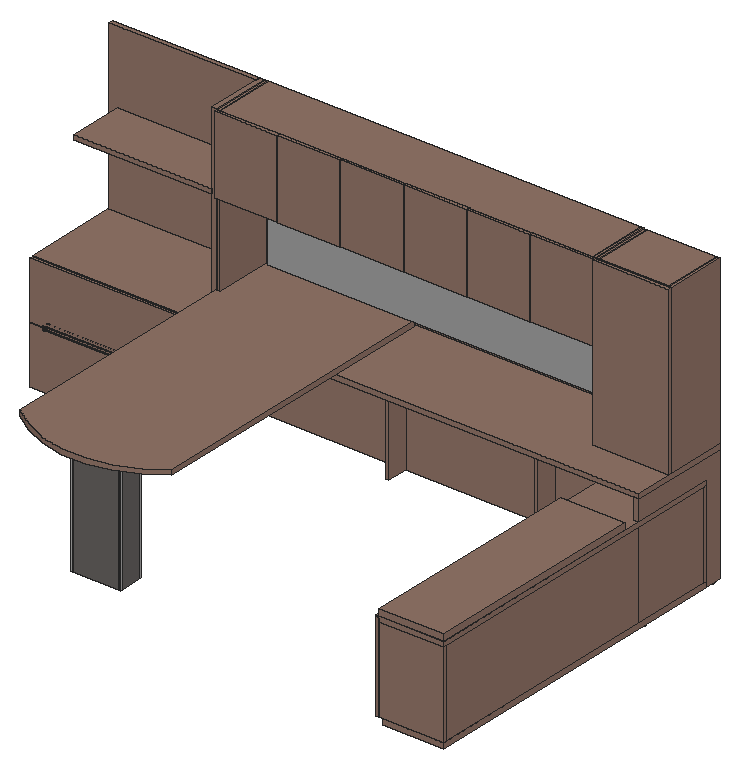
Revit family "OFS TYPICAL T100009", category Furniture, Revit 2022 (continued)
Definition of nested family "OFS SLATE CREDENZAS"
  Definition of nested family "OFS_Slate Private Office_Credenzas_Overlay Lateral File"
    Automatic sketch dimensions
      Revolve 1 sketch curve to Revolve 1 sketch curve = 0' - 0"
      Revolve 1 sketch curve to level = 0' - 0.09316"
      Revolve 2 sketch curve to plane 12 = 0' - 0"
      Revolve 2 sketch curve to level = 0' - 0"  (x2)
      Revolve 2 sketch curve to plane 4 = 0' - 0 7/32"
      plane 4 to Revolve 2 sketch curve = 0' - 0.02625"
      plane 4 to Revolve 2 sketch curve = 0' - 0 1/32"
      Revolve 2 sketch curve to Revolve 2 sketch curve = 0' - 0.03868"
      Revolve 2 sketch curve to plane 12 = 0' - 0.19756"
      Revolve 2 sketch curve to Revolve 2 sketch curve = 0' - 0"
      Revolve 2 sketch curve to Revolve 2 sketch curve = 0' - 0.09316"
      Revolve 3 sketch curve to plane 12 = 0' - 0"
      Revolve 3 sketch curve to level = 0' - 0"  (x2)
      plane 4 to Revolve 3 sketch curve = 0' - 0.06992"
      plane 4 to Revolve 3 sketch curve = 0' - 0 1/32"
      plane 4 to Revolve 3 sketch curve = 0' - 0.02625"
      Revolve 3 sketch curve to plane 4 = 0' - 0 7/32"
      level to Revolve 3 sketch curve = 0' - 0.13"
      Revolve 3 sketch curve to Revolve 3 sketch curve = 0' - 0"
      Revolve 3 sketch curve to Revolve 3 sketch curve = 0' - 0.09316"
      Revolve 4 sketch curve to plane 12 = 0' - 0"
      Revolve 4 sketch curve to level = 0' - 0"  (x2)
      Revolve 4 sketch curve to plane 6 = 0' - 0 7/32"
      plane 6 to Revolve 4 sketch curve = 0' - 0.02625"
      plane 6 to Revolve 4 sketch curve = 0' - 0 1/32"
      Revolve 4 sketch curve to Revolve 4 sketch curve = 0' - 0.03868"
      Revolve 4 sketch curve to Revolve 4 sketch curve = 0' - 0.13"
      Revolve 4 sketch curve to Revolve 4 sketch curve = 0' - 0"
      Revolve 4 sketch curve to level = 0' - 0.09316"
      Extrusion 6 sketch curve to plane 12 = 0' - 0"
      Extrusion 6 sketch curve to plane 1 "Center (Front/Back)" = 0' - 0"
      plane 14 to Extrusion 6 sketch curve = 0' - 0.62544"
      plane 13 to Extrusion 6 sketch curve = 0' - 1 3/16"
      plane 12 to Extrusion 8 sketch curve = 0' - 1 1/4"
      Extrusion 8 sketch curve to Extrusion 8 sketch curve = 0' - 0 3/4"
      plane 13 to Extrusion 9 sketch curve = 0' - 0"
      plane 14 to Extrusion 9 sketch curve = 0' - 0.63677"
      Extrusion 9 sketch curve to plane 7 = 0' - 0 3/4"
      plane 13 to Extrusion 9 sketch curve = 0' - 1 3/16"
      plane 1 "Center (Front/Back)" to Extrusion 10 sketch curve = 0' - 0"  (x2)
      Sweep 11 sketch curve to plane 8 = 0' - 0"
      plane 8 to Sweep 11 sketch curve = 0' - 0.06015"
      Sweep 11 sketch curve to profile plane = 0' - 0.17843"
      Sweep 11 sketch curve to profile plane = 0' - 0.23364"
      Sweep 11 sketch curve to Sweep 11 sketch curve = 0' - 0.07084"
      Sweep 11 sketch curve to Sweep 11 sketch curve = 0' - 0 33/64"
      Sweep 11 sketch curve to Sweep 11 sketch curve = 0' - 0.2997"
      Sweep 11 sketch curve to Sweep 11 sketch curve = 0' - 0.2339"
      Extrusion 12 sketch curve to plane 8 = 0' - 0"  (x2)
      plane 13 to Extrusion 12 sketch curve = 0' - 0 1/16"
      plane 8 to Extrusion 12 sketch curve = 0' - 0 3/4"
      Extrusion 12 sketch curve to Extrusion 12 sketch curve = 1' - 1 21/32"
      Extrusion 12 sketch curve to Extrusion 12 sketch curve = 0' - 0 1/8"
      plane 12 to Extrusion 12 sketch curve = 0' - 1 1/4"
      Extrusion 12 sketch curve to Extrusion 12 sketch curve = 0' - 0 3/4"
      plane 13 to Sweep 11 sketch curve = 1' - 2.59302"
      Sweep 11 sketch curve to Sweep 11 sketch curve = 0' - 0.81176"
      Sweep 5 sketch curve to plane 5 = 0' - 0"
      Sweep 5 sketch curve to plane 3 "Center (Left/Right)" = 0' - 0"
      Sweep 5 sketch curve to plane 12 = 0' - 0"
      Sweep 5 sketch curve to profile plane = 0' - 0"
      profile plane to Sweep 5 sketch curve = 0' - 0 3/4"
      Sweep 5 sketch curve to Sweep 5 sketch curve = 0' - 1 1/4"
      Extrusion 7 sketch curve to plane 3 "Center (Left/Right)" = 0' - 0"
      plane 5 to Extrusion 7 sketch curve = 0' - 0"
      plane 12 to Extrusion 7 sketch curve = 0' - 1 1/4"  (x2)
      plane 13 to Extrusion 7 sketch curve = 0' - 1 3/16"  (x2)
      Extrusion 13 sketch curve to plane 17 = 0' - 0 1/16"
      plane 17 to Extrusion 13 sketch curve = 0' - 0 1/16"
      plane 12 to Extrusion 13 sketch curve = 0' - 2"  (x2)
      plane 13 to Extrusion 13 sketch curve = 1' - 1 27/32"
      Extrusion 13 sketch curve to Extrusion 13 sketch curve = 0' - 0"
      Extrusion 13 sketch curve to Extrusion 13 sketch curve = 0' - 0 1/8"  (x2)
      plane 13 to Extrusion 13 sketch curve = 0' - 0 1/16"  (x2)
      plane 12 to Extrusion 14 sketch curve = 0' - 2"  (x2)
      Extrusion 14 sketch curve to Extrusion 14 sketch curve = 0' - 0"  (x2)
      plane 13 to Extrusion 14 sketch curve = 1' - 1 27/32"  (x2)
      Extrusion 14 sketch curve to Extrusion 14 sketch curve = 0' - 0 1/8"  (x3)
      plane 13 to Extrusion 14 sketch curve = 0' - 0 1/16"  (x3)
      Masking region 1 sketch curve to plane 3 "Center (Left/Right)" = 0' - 0"
      Masking region 1 sketch curve to plane 8 = 0' - 0"
      Masking region 1 sketch curve to plane 5 = 0' - 0"
  Definition of nested family "Tag"
    Parameters
      P_Width = 0' - 0"
      Text_Width = "Empty"
      Text_Height = "Empty"
      Text_Diameter = "Empty"
      Text_Depth = "Empty"
      Offset (LR) [instance] = 0' - 0"
      Model Name = "Type Catalog"
      P_Height = 0' - 0"
      Distance of Center (not Change) = 0' - 0.1"
      P_Diameter = 0' - 0"
      P_Depth = 0' - 0"
    Reference planes (in)
      plane 1: y = 0
      plane 2: x = 0
    Lines and regions (in)
      reference lines
        curve 1: line (-0.44359, 0.1, 0) -> (0.41085, 0.1, 0)
        curve 3: line (0, 0.42564, 0) -> (0, -0.30221, 0)
      reference lines, not visible
        curve 2: line (-0.44359, 0.09843, 0) -> (0.41085, 0.09843, 0)
        curve 4: line (0, 0.42407, 0) -> (0, -0.30379, 0)
    Text (in)
      label "Empty" at (0.00197, 0.0921, 0), shows "Model Name"
      label "Empty" at (0.00197, 0.09052, 0), shows "Model Name", not visible
    Dimensions and locks (in)
      "Distance of Center (not Change)": plane 1 to curve 1
      "Offset (LR)": curve 3 to plane 2
    Automatic sketch dimensions
      curve 1 to curve 3 = 0' - 0.44359"
      curve 3 to curve 1 = 0' - 0.41085"
      curve 3 to curve 1 = 0' - 0.40221"
      curve 1 to curve 3 = 0' - 0.32564"
      curve 2 to curve 4 = 0' - 0.44359"
      curve 4 to curve 2 = 0' - 0.41085"
      curve 4 to curve 2 = 0' - 0.40221"
      curve 2 to curve 4 = 0' - 0.32564"
  Definition of nested family "OFS_Slate Private Office_Credenzas_Double Pedestal"
    Parameters
      Width 1 [instance] = if(Width < 5' 0", 5' 0", Width)  # 5' - 0"
      Width [instance] = 5' - 0"
      URL = "http://www.ofsbrands.com/"
      Type [instance] = 1
      Top [instance] = none
      Panel [instance] = none
      Model = "Type Catalog"
      Manufacturer = "OFS BRANDS"  # constant formula
      Glides [instance] = none
      Drawers [instance] = none
      Double Pedestal [instance] = Type = 1  # yes
      Description = "Type Catalog"
      Default Elevation = 0' - 0"
      Copyright © = "© 2016 OFS BRANDS"  # constant formula
      Catalog = "OFS"  # constant formula
      Case [instance] = none
      Base [instance] = none
      Authoring Version = "Autodesk Revit Architecture 2014"  # constant formula
      Assembly Code = "E2020200"
    Reference planes (in)
      plane 1 "Center (Front/Back)": y = 0
      plane 2: z = 0
      plane 3 "Center (Left/Right)": x = 0
      plane 4: z = 0.45
      plane 5: z = 1.7
      plane 6: z = 28.0125
      plane 7: z = 29.2
      plane 8: z = 2.45
      plane 9: x = 18
      plane 10: x = 30
      plane 11: x = 60
      plane 12: x = 42
      plane 13: y = -1.37544
      plane 14: y = -21.74956
      plane 15: y = -24
      plane 16: y = -24.83661
      plane 17: x = 0.75
      plane 18: x = 59.25
      plane 19: x = 17.25
      plane 20: x = 42.75
      plane 21: x = 18.75
      plane 22: x = 41.25
    Forms (in)
      Extrusion 1, solid, material <- "Top", visible <- "Double Pedestal"
        sketch origin (0, 0, 0) x (0, 1, 0) y (0, 0, 1)
          loop
            line (0, 29.2) -> (-24, 29.2) -> (-24, 28.0125) -> (0, 28.0125) -> (0, 29.2)
        from 0 to 60
      Sweep 2, solid, material <- "Case", visible <- "Double Pedestal"
        path origin (-60.07556, -60, 0.45) x (-1, 0, 0) y (0, -1, 0)
          loop
            line (-60.82556, -60) -> (-60.82556, -37.625) -> (-77.32556, -37.625) -> (-77.32556, -60)
        profile origin (9, -22.375, 0.45) x (0, 1, 0) y (0, 0, 1)
          loop
            line (-0.75, 0) -> (0, 0) -> (0, 1.25) -> (-0.75, 1.25) -> (-0.75, 0)
      Extrusion 3, solid, material <- "Case", visible <- "Double Pedestal"
        sketch origin (-3.76383, -24, 47.24409) x (-1, 0, 0) y (0, 0, 1)
          loop
            line (-3.76383, -19.2316) -> (-4.51383, -19.2316) -> (-4.51383, -45.5441) -> (-3.76383, -45.5441) -> (-3.76383, -19.2316)
          loop
            line (-21.01383, -19.2316) -> (-21.76383, -19.2316) -> (-21.76383, -45.5441) -> (-21.01383, -45.5441) -> (-21.01383, -19.2316)
          loop
            line (-63.76383, -19.2316) -> (-63.76383, -45.5441) -> (-63.01383, -45.5441) -> (-63.01383, -19.2316) -> (-63.76383, -19.2316)
          loop
            line (-46.51383, -19.2316) -> (-46.51383, -45.5441) -> (-45.76383, -45.5441) -> (-45.76383, -19.2316) -> (-46.51383, -19.2316)
        from 0 to 24
      Extrusion 4, solid, material <- "Case", visible <- "Double Pedestal"
        sketch origin (-60.07556, -60, 0.45) x (-1, 0, 0) y (0, -1, 0)
          loop
            line (-60.82556, -60) -> (-60.82556, -59.25) -> (-77.32556, -59.25) -> (-77.32556, -60) -> (-60.82556, -60)
          loop
            line (-119.32556, -59.25) -> (-119.32556, -60) -> (-102.82556, -60) -> (-102.82556, -59.25) -> (-119.32556, -59.25)
        from 0 to 27.5625
      Extrusion 5, solid, material <- "Case", visible <- "Double Pedestal"
        sketch origin (-60.07556, -60, 0.45) x (-1, 0, 0) y (0, -1, 0)
          loop
            line (-78.07556, -60) -> (-78.07556, -56.75) -> (-78.82556, -56.75) -> (-78.82556, -60) -> (-78.07556, -60)
          loop
            line (-101.32556, -60) -> (-101.32556, -56.75) -> (-102.07556, -56.75) -> (-102.07556, -60) -> (-101.32556, -60)
        from 0 to 27.5625
      Extrusion 6, solid, material <- "Panel", visible <- "Double Pedestal"
        sketch origin (-60.07556, -60, 0.45) x (-1, 0, 0) y (0, -1, 0)
          loop
            line (-78.07556, -56.75) -> (-78.07556, -56) -> (-102.07556, -56) -> (-102.07556, -56.75) -> (-78.07556, -56.75)
        from 0 to 14
      Extrusion 7, solid, material <- "Panel", visible <- "Double Pedestal"
        sketch origin (-60.07556, -60, 0.45) x (-1, 0, 0) y (0, -1, 0)
          loop
            line (-78.20056, -56.75) -> (-78.20056, -56) -> (-101.95056, -56) -> (-101.95056, -56.75) -> (-78.20056, -56.75)
        from 14.125 to 26.8125
      Extrusion 8, solid, material <- "Drawers", visible <- "Double Pedestal"
        sketch origin (63.21186, -24.83661, 47.24409) x (1, 0, 0) y (0, 0, 1)
          loop
            line (-63.08686, -18.10659) -> (-63.08686, -31.76284) -> (-45.21186, -31.76284) -> (-45.21186, -18.10659) -> (-63.08686, -18.10659)
          loop
            line (-45.21186, -31.88784) -> (-63.08686, -31.88784) -> (-63.08686, -45.5441) -> (-45.21186, -45.5441) -> (-45.21186, -31.88784)
          loop
            line (-3.33686, -18.10659) -> (-21.21186, -18.10659) -> (-21.21186, -31.76284) -> (-3.33686, -31.76284) -> (-3.33686, -18.10659)
          loop
            line (-21.21186, -31.88784) -> (-21.21186, -45.5441) -> (-3.33686, -45.5441) -> (-3.33686, -31.88784) -> (-21.21186, -31.88784)
        from 0 to -0.75
      Sweep 9, void
        path origin (63.21186, -24.83661, 47.24409) x (1, 0, 0) y (0, 0, 1)
          loop
            arc (-59.52677, -31.01358) -> (-60.33854, -31.82534) -> (-59.52677, -32.63711) r 0.81176
            line (-59.52677, -32.63711) -> (-48.77196, -32.63711)
            arc (-48.77196, -32.63711) -> (-47.96019, -31.82534) -> (-48.77196, -31.01358) r 0.81176
            line (-48.77196, -31.01358) -> (-59.52677, -31.01358)
        profile origin (9.0625, -24.83661, 16.23051) x (0, 0, 1) y (0, -1, 0)
          loop
            line (-0.74926, 0) -> (-0.74926, -0.59375) -> (-0.23364, -0.59375)
            arc (-0.23364, -0.59375) -> (0.00064, -0.37682) -> (-0.19766, -0.12657) r 0.23498
            arc (-0.19766, -0.12657) -> (-0.2346, -0.106) -> (-0.24927, -0.06635) r 0.06093
            line (-0.24927, -0.06635) -> (-0.24927, 0) -> (-0.74926, 0)
      Sweep 10, void
        path origin (-3.21186, -24.83661, 47.24409) x (-1, 0, 0) y (0, 0, -1)
          loop
            line (-59.52677, 31.01358) -> (-48.77196, 31.01358)
            arc (-48.77196, 31.01358) -> (-47.96019, 31.82534) -> (-48.77196, 32.63711) r 0.81176
            line (-48.77196, 32.63711) -> (-59.52677, 32.63711)
            arc (-59.52677, 32.63711) -> (-60.33854, 31.82534) -> (-59.52677, 31.01358) r 0.81176
        profile origin (50.9375, -24.83661, 16.23051) x (0, 0, -1) y (0, -1, 0)
          loop
            line (0.74926, 0) -> (0.24927, 0) -> (0.24927, -0.06635)
            arc (0.24927, -0.06635) -> (0.2346, -0.106) -> (0.19766, -0.12657) r 0.06093
            arc (0.19766, -0.12657) -> (-0.00064, -0.37682) -> (0.23364, -0.59375) r 0.23498
            line (0.23364, -0.59375) -> (0.74926, -0.59375) -> (0.74926, 0)
      Extrusion 11, solid, material <- "Base", visible <- "Double Pedestal"
        sketch origin (0, 0, 0) x (1, 0, 0) y (0, 0, 1)
          loop
            line (0.75, 2.45) -> (0.75, 1.7) -> (17.25, 1.7) -> (17.25, 2.45) -> (0.75, 2.45)
          loop
            line (42.75, 2.45) -> (42.75, 1.7) -> (59.25, 1.7) -> (59.25, 2.45) -> (42.75, 2.45)
        from 0.75 to 24
      Sweep 12, solid, material <- "Case", visible <- "Double Pedestal"
        path origin (120.07556, -60, 0.45) x (1, 0, 0) y (0, 1, 0)
          loop
            line (-60.82556, 60) -> (-60.82556, 37.625) -> (-77.32556, 37.625) -> (-77.32556, 60)
        profile origin (51, -22.375, 0.45) x (0, -1, 0) y (0, 0, 1)
          loop
            line (0.75, 0) -> (0.75, 1.25) -> (0, 1.25) -> (0, 0) -> (0.75, 0)
      Extrusion 13, solid, material <- "Case", visible <- "Double Pedestal"
        sketch origin (-60.07556, -60, 0.45) x (-1, 0, 0) y (0, -1, 0)
          loop
            line (-60.82556, -59.25) -> (-60.82556, -57.75) -> (-62.32556, -57.75) -> (-62.32556, -59.25) -> (-60.82556, -59.25)
          loop
            line (-75.82556, -59.25) -> (-75.82556, -57.75) -> (-77.32556, -57.75) -> (-77.32556, -59.25) -> (-75.82556, -59.25)
          loop
            line (-62.32556, -39.125) -> (-60.82556, -39.125) -> (-60.82556, -37.625) -> (-62.32556, -37.625) -> (-62.32556, -39.125)
          loop
            line (-75.82556, -39.125) -> (-75.82556, -37.625) -> (-77.32556, -37.625) -> (-77.32556, -39.125) -> (-75.82556, -39.125)
          loop
            line (-119.32556, -59.25) -> (-117.82556, -59.25) -> (-117.82556, -57.75) -> (-119.32556, -57.75) -> (-119.32556, -59.25)
          loop
            line (-104.32556, -59.25) -> (-102.82556, -59.25) -> (-102.82556, -57.75) -> (-104.32556, -57.75) -> (-104.32556, -59.25)
          loop
            line (-117.82556, -39.125) -> (-117.82556, -37.625) -> (-119.32556, -37.625) -> (-119.32556, -39.125) -> (-117.82556, -39.125)
          loop
            line (-104.32556, -39.125) -> (-102.82556, -39.125) -> (-102.82556, -37.625) -> (-104.32556, -37.625) -> (-104.32556, -39.125)
        from 0 to 1.25
      Revolve 14, solid, material <- "Glides", visible <- "Double Pedestal"
        sketch origin (-3.76383, -1.37544, 47.24409) x (-1, 0, 0) y (0, 0, 1)
          loop
            line (-5.15473, -46.79409) -> (-5.15473, -47.24409) -> (-4.90473, -47.24409)
            arc (-4.90473, -47.24409) -> (-4.78439, -47.13335) -> (-4.86606, -46.99165) r 0.13088
            line (-4.86606, -46.99165) -> (-4.90473, -46.99165) -> (-4.90473, -46.79409) -> (-5.15473, -46.79409)
          axis (-5.15473, -46.79409) -> (-5.15473, -47.24409)
        angle from 0 to 360
      Revolve 15, solid, material <- "Glides", visible <- "Double Pedestal"
        sketch origin (21.76383, -1.37544, 47.24409) x (1, 0, 0) y (0, 0, -1)
          loop
            line (-5.15473, 46.79409) -> (-4.90473, 46.79409) -> (-4.90473, 46.99165) -> (-4.86606, 46.99165)
            arc (-4.86606, 46.99165) -> (-4.78439, 47.13335) -> (-4.90473, 47.24409) r 0.13088
            line (-4.90473, 47.24409) -> (-5.15473, 47.24409) -> (-5.15473, 46.79409)
          axis (-5.15473, 46.79409) -> (-5.15473, 47.24409)
        angle from 0 to 360
      Revolve 16, solid, material <- "Glides", visible <- "Double Pedestal"
        sketch origin (63.21186, -21.74956, 47.24409) x (1, 0, 0) y (0, 0, 1)
          loop
            line (-61.82096, -46.79409) -> (-62.07096, -46.79409) -> (-62.07096, -46.99165) -> (-62.10964, -46.99165)
            arc (-62.10964, -46.99165) -> (-62.19131, -47.13335) -> (-62.07096, -47.24409) r 0.13088
            line (-62.07096, -47.24409) -> (-61.82096, -47.24409) -> (-61.82096, -46.79409)
          axis (-61.82096, -46.79409) -> (-61.82096, -47.24409)
        angle from 0 to 360
      Revolve 17, solid, material <- "Glides", visible <- "Double Pedestal"
        sketch origin (63.21186, -21.74956, 47.24409) x (1, 0, 0) y (0, 0, 1)
          loop
            line (-46.60277, -46.79409) -> (-46.60277, -47.24409) -> (-46.35277, -47.24409)
            arc (-46.35277, -47.24409) -> (-46.23242, -47.13335) -> (-46.31409, -46.99165) r 0.13088
            line (-46.31409, -46.99165) -> (-46.35277, -46.99165) -> (-46.35277, -46.79409) -> (-46.60277, -46.79409)
          axis (-46.60277, -46.79409) -> (-46.60277, -47.24409)
        angle from 0 to 360
      Revolve 18, solid, material <- "Glides", visible <- "Double Pedestal"
        sketch origin (63.76383, -1.37544, 47.24409) x (1, 0, 0) y (0, 0, -1)
          loop
            line (-5.15473, 46.79409) -> (-4.90473, 46.79409) -> (-4.90473, 46.99165) -> (-4.86606, 46.99165)
            arc (-4.86606, 46.99165) -> (-4.78439, 47.13335) -> (-4.90473, 47.24409) r 0.13088
            line (-4.90473, 47.24409) -> (-5.15473, 47.24409) -> (-5.15473, 46.79409)
          axis (-5.15473, 46.79409) -> (-5.15473, 47.24409)
        angle from 0 to 360
      Revolve 19, solid, material <- "Glides", visible <- "Double Pedestal"
        sketch origin (38.23617, -1.37544, 47.24409) x (-1, 0, 0) y (0, 0, 1)
          loop
            line (-5.15473, -46.79409) -> (-5.15473, -47.24409) -> (-4.90473, -47.24409)
            arc (-4.90473, -47.24409) -> (-4.78439, -47.13335) -> (-4.86606, -46.99165) r 0.13088
            line (-4.86606, -46.99165) -> (-4.90473, -46.99165) -> (-4.90473, -46.79409) -> (-5.15473, -46.79409)
          axis (-5.15473, -46.79409) -> (-5.15473, -47.24409)
        angle from 0 to 360
      Revolve 20, solid, material <- "Glides", visible <- "Double Pedestal"
        sketch origin (-3.21186, -21.74956, 47.24409) x (-1, 0, 0) y (0, 0, -1)
          loop
            line (-61.82096, 46.79409) -> (-61.82096, 47.24409) -> (-62.07096, 47.24409)
            arc (-62.07096, 47.24409) -> (-62.19131, 47.13335) -> (-62.10964, 46.99165) r 0.13088
            line (-62.10964, 46.99165) -> (-62.07096, 46.99165) -> (-62.07096, 46.79409) -> (-61.82096, 46.79409)
          axis (-61.82096, 46.79409) -> (-61.82096, 47.24409)
        angle from 0 to 360
      Revolve 21, solid, material <- "Glides", visible <- "Double Pedestal"
        sketch origin (-3.21186, -21.74956, 47.24409) x (-1, 0, 0) y (0, 0, -1)
          loop
            line (-46.60277, 46.79409) -> (-46.35277, 46.79409) -> (-46.35277, 46.99165) -> (-46.31409, 46.99165)
            arc (-46.31409, 46.99165) -> (-46.23242, 47.13335) -> (-46.35277, 47.24409) r 0.13088
            line (-46.35277, 47.24409) -> (-46.60277, 47.24409) -> (-46.60277, 46.79409)
          axis (-46.60277, 46.79409) -> (-46.60277, 47.24409)
        angle from 0 to 360
    Cuts and joins
      Sweep 9, Sweep 10 cuts Extrusion 8
      joined: Sweep 2, Extrusion 3, Extrusion 13
      joined: Revolve 14, Revolve 15, Revolve 16, Revolve 17, Revolve 18, Revolve 19, Revolve 20, Revolve 21
    Lines and regions (in)
      Masking region 1, visible <- "Double Pedestal"
        outline origin (-60.07556, -60, 29.2) x (-1, 0, 0) y (0, -1, 0)
          loop
            line (-60.07556, -60) -> (-60.07556, -35.16339) -> (-120.07556, -35.16339) -> (-120.07556, -60) -> (-60.07556, -60)
    Dimensions and locks (in)
      "Width 1": plane 3 "Center (Left/Right)" to plane 11
      plane 3 "Center (Left/Right)" to plane 17 to plane 19 to plane 9 to plane 21 = 0' - 0 3/4" locked, 1' - 4 1/2" locked, 0' - 0 3/4" locked, 0' - 0 3/4" locked
      plane 22 to plane 12 to plane 20 to plane 18 to plane 11 = 0' - 0 3/4" locked, 0' - 0 3/4" locked, 1' - 4 1/2" locked, 0' - 0 3/4" locked
      equal spacing: plane 3 "Center (Left/Right)", plane 10, plane 11
      Sweep 9 sketch curve to Sweep 9 sketch curve to plane 3 "Center (Left/Right)" = 0' - 10.75482" locked, 0' - 3.68509" locked
      Sweep 10 sketch curve to Sweep 10 sketch curve to plane 11 = 0' - 10.75482" locked, 0' - 3.68509" locked
      aligned and locked: level to plane 2
      aligned and locked: plane 11 to Extrusion 1
      aligned and locked: Extrusion 3 sketch curve to Extrusion 1  (x2)
      aligned and locked: Extrusion 3 sketch curve to Sweep 2  (x2)
      aligned and locked: Extrusion 3 sketch curve to plane 6
      aligned and locked: Extrusion 3 sketch curve to plane 19
      aligned and locked: Extrusion 4 sketch curve to plane 19
      aligned and locked: plane 20 to Extrusion 4 sketch curve
      aligned and locked: plane 18 to Extrusion 4 sketch curve
      aligned and locked: plane 17 to Extrusion 4 sketch curve
      aligned and locked: Sweep 2 to Extrusion 5 sketch curve
      aligned and locked: plane 21 to Extrusion 5 sketch curve
      aligned and locked: plane 1 "Center (Front/Back)" to Extrusion 5 sketch curve
      aligned and locked: plane 22 to Extrusion 5 sketch curve
      aligned and locked: plane 12 to Extrusion 5 sketch curve
      aligned and locked: Sweep 12 sketch curve to plane 20
      aligned and locked: plane 18 to Sweep 12 sketch curve
      aligned and locked: plane 19 to Sweep 2 sketch curve
      aligned and locked: Sweep 2 sketch curve to plane 17
      aligned and locked: Masking region 1 sketch curve to Extrusion 1  (x2)
      aligned and locked: Masking region 1 sketch curve to cut or joined group of Extrusion 8, Sweep 9, Sweep 10
      aligned and locked: Masking region 1 sketch curve to plane 11
    Automatic sketch dimensions
      Extrusion 1 sketch curve to plane 7 = 0' - 0"
      Extrusion 1 sketch curve to plane 15 = 0' - 0"
      Extrusion 1 sketch curve to plane 1 "Center (Front/Back)" = 0' - 0"
      plane 6 to Extrusion 1 sketch curve = 0' - 0"
      plane 1 "Center (Front/Back)" to Sweep 2 sketch curve = 0' - 0"  (x2)
      plane 14 to Sweep 2 sketch curve = 0' - 0.62544"
      Sweep 2 sketch curve to plane 4 = 0' - 0"
      Sweep 2 sketch curve to profile plane = 0' - 0"
      profile plane to Sweep 2 sketch curve = 0' - 0 3/4"
      plane 4 to Sweep 2 sketch curve = 0' - 1 1/4"
      Extrusion 3 sketch curve to plane 5 = 0' - 0"  (x4)
      Extrusion 3 sketch curve to plane 11 = 0' - 0"
      plane 18 to Extrusion 3 sketch curve = 0' - 0"
      plane 20 to Extrusion 3 sketch curve = 0' - 0"
      Extrusion 3 sketch curve to plane 6 = 0' - 0"  (x2)
      Extrusion 3 sketch curve to plane 12 = 0' - 0"
      plane 1 "Center (Front/Back)" to Extrusion 4 sketch curve = 0' - 0"  (x2)
      plane 13 to Extrusion 4 sketch curve = 0' - 0.62544"  (x2)
      plane 1 "Center (Front/Back)" to Extrusion 5 sketch curve = 0' - 0"
      Extrusion 5 sketch curve to plane 13 = 0' - 1.87456"  (x2)
      Extrusion 6 sketch curve to plane 12 = 0' - 0"
      Extrusion 6 sketch curve to plane 9 = 0' - 0"
      Extrusion 6 sketch curve to plane 13 = 0' - 1.87456"
      Extrusion 6 sketch curve to Extrusion 6 sketch curve = 0' - 0 3/4"
      plane 12 to Extrusion 7 sketch curve = 0' - 0 1/8"
      plane 9 to Extrusion 7 sketch curve = 0' - 0 1/8"
      Extrusion 7 sketch curve to plane 13 = 0' - 1.87456"
      Extrusion 7 sketch curve to Extrusion 7 sketch curve = 0' - 0 3/4"
      Extrusion 8 sketch curve to plane 5 = 0' - 0"  (x2)
      Extrusion 8 sketch curve to plane 9 = 0' - 0"  (x2)
      plane 3 "Center (Left/Right)" to Extrusion 8 sketch curve = 0' - 0 1/8"
      Extrusion 8 sketch curve to Extrusion 8 sketch curve = 0' - 0"  (x2)
      Extrusion 8 sketch curve to plane 12 = 0' - 0"  (x2)
      Extrusion 8 sketch curve to plane 11 = 0' - 0 1/8"
      plane 6 to Extrusion 8 sketch curve = 1' - 0 21/32"  (x2)
      Extrusion 8 sketch curve to Extrusion 8 sketch curve = 0' - 0 1/8"  (x2)
      Extrusion 8 sketch curve to plane 7 = 0' - 0 1/16"  (x2)
      Sweep 9 sketch curve to plane 8 = 1' - 0.15699"
      Sweep 9 sketch curve to Sweep 9 sketch curve = 0' - 0.81176"
      Sweep 9 sketch curve to plane 16 = 0' - 0"
      profile plane to Sweep 9 sketch curve = 0' - 0.74926"
      Sweep 9 sketch curve to plane 16 = 0' - 0.06635"
      profile plane to Sweep 9 sketch curve = 0' - 0.24927"
      profile plane to Sweep 9 sketch curve = 0' - 0.23364"
      Sweep 9 sketch curve to Sweep 9 sketch curve = 0' - 0.06093"
      Sweep 9 sketch curve to Sweep 9 sketch curve = 0' - 0.29242"
      Sweep 9 sketch curve to Sweep 9 sketch curve = 0' - 0.23498"
      plane 6 to Sweep 10 sketch curve = 0' - 11.78198"
      Sweep 10 sketch curve to Sweep 10 sketch curve = 0' - 0.81176"
      Sweep 10 sketch curve to plane 16 = 0' - 0"
      Sweep 10 sketch curve to plane 16 = 0' - 0.06635"
      Sweep 10 sketch curve to profile plane = 0' - 0.18833"
      Sweep 10 sketch curve to profile plane = 0' - 0.23364"
      Sweep 10 sketch curve to Sweep 10 sketch curve = 0' - 0.06093"
      Sweep 10 sketch curve to Sweep 10 sketch curve = 0' - 0 33/64"
      Sweep 10 sketch curve to Sweep 10 sketch curve = 0' - 0.29242"
      Sweep 10 sketch curve to Sweep 10 sketch curve = 0' - 0.23498"
      Extrusion 11 sketch curve to plane 5 = 0' - 0"  (x2)
      Extrusion 11 sketch curve to plane 17 = 0' - 0"
      Extrusion 11 sketch curve to plane 19 = 0' - 0"
      Extrusion 11 sketch curve to plane 8 = 0' - 0"  (x2)
      plane 20 to Extrusion 11 sketch curve = 0' - 0"
      plane 18 to Extrusion 11 sketch curve = 0' - 0"
      plane 1 "Center (Front/Back)" to Sweep 12 sketch curve = 0' - 0"  (x2)
      plane 14 to Sweep 12 sketch curve = 0' - 0.62544"
      Sweep 12 sketch curve to plane 4 = 0' - 0"
      Sweep 12 sketch curve to profile plane = 0' - 0"
      Sweep 12 sketch curve to profile plane = 0' - 0 3/4"
      Sweep 12 sketch curve to Sweep 12 sketch curve = 0' - 1 1/4"
      Extrusion 13 sketch curve to plane 18 = 0' - 0"  (x2)
      Extrusion 13 sketch curve to plane 20 = 0' - 0"  (x2)
      Extrusion 13 sketch curve to plane 19 = 0' - 0"  (x2)
      Extrusion 13 sketch curve to plane 17 = 0' - 0"  (x2)
      plane 13 to Extrusion 13 sketch curve = 0' - 0.62544"  (x4)
      Extrusion 13 sketch curve to Extrusion 13 sketch curve = 0' - 1 1/2"  (x5)
      plane 14 to Extrusion 13 sketch curve = 0' - 0.62544"  (x4)
      Extrusion 13 sketch curve to plane 20 = 0' - 1 1/2"
      plane 17 to Extrusion 13 sketch curve = 0' - 1 1/2"  (x2)
      Extrusion 13 sketch curve to plane 13 = 0' - 0.87456"  (x4)
      Extrusion 13 sketch curve to plane 14 = 0' - 0.87456"  (x4)
      Revolve 14 sketch curve to plane 4 = 0' - 0"
      Revolve 14 sketch curve to level = 0' - 0"  (x2)
      plane 17 to Revolve 14 sketch curve = 0' - 0.6409"
      Revolve 14 sketch curve to Revolve 14 sketch curve = 0' - 0.24097"
      Revolve 14 sketch curve to Revolve 14 sketch curve = 0' - 0.00903"  (x2)
      Revolve 14 sketch curve to Revolve 14 sketch curve = 0' - 0.03868"
      level to Revolve 14 sketch curve = 0' - 0.13057"
      Revolve 14 sketch curve to Revolve 14 sketch curve = 0' - 0"
      Revolve 14 sketch curve to level = 0' - 0.10773"
      Revolve 15 sketch curve to plane 4 = 0' - 0"
      Revolve 15 sketch curve to level = 0' - 0"  (x2)
      Revolve 15 sketch curve to plane 19 = 0' - 0.6409"
      Revolve 15 sketch curve to Revolve 15 sketch curve = 0' - 0.24097"
      Revolve 15 sketch curve to Revolve 15 sketch curve = 0' - 0.00903"  (x2)
      Revolve 15 sketch curve to Revolve 15 sketch curve = 0' - 0.03868"
      Revolve 15 sketch curve to Revolve 15 sketch curve = 0' - 0.19756"
      Revolve 15 sketch curve to Revolve 15 sketch curve = 0' - 0"
      Revolve 15 sketch curve to level = 0' - 0.10773"
      Revolve 16 sketch curve to plane 4 = 0' - 0"
      Revolve 16 sketch curve to level = 0' - 0"  (x2)
      plane 17 to Revolve 16 sketch curve = 0' - 0.35223"
      Revolve 16 sketch curve to Revolve 16 sketch curve = 0' - 0.03868"
      Revolve 16 sketch curve to Revolve 16 sketch curve = 0' - 0"  (x2)
      Revolve 16 sketch curve to Revolve 16 sketch curve = 0' - 0.00903"
      Revolve 16 sketch curve to Revolve 16 sketch curve = 0' - 0 1/4"
      level to Revolve 16 sketch curve = 0' - 0.13057"
      Revolve 16 sketch curve to level = 0' - 0.10773"
      Revolve 17 sketch curve to plane 4 = 0' - 0"
      Revolve 17 sketch curve to level = 0' - 0"  (x2)
      Revolve 17 sketch curve to plane 19 = 0' - 0.6409"
      Revolve 17 sketch curve to Revolve 17 sketch curve = 0' - 0.24097"
      Revolve 17 sketch curve to Revolve 17 sketch curve = 0' - 0.00903"  (x2)
      Revolve 17 sketch curve to Revolve 17 sketch curve = 0' - 0.03868"
      level to Revolve 17 sketch curve = 0' - 0.13057"
      Revolve 17 sketch curve to Revolve 17 sketch curve = 0' - 0"
      Revolve 17 sketch curve to level = 0' - 0.10773"
      Revolve 18 sketch curve to plane 4 = 0' - 0"
      Revolve 18 sketch curve to level = 0' - 0"  (x2)
      plane 18 to Revolve 18 sketch curve = 0' - 0.6409"
      Revolve 18 sketch curve to Revolve 18 sketch curve = 0' - 0.24097"
      Revolve 18 sketch curve to Revolve 18 sketch curve = 0' - 0.00903"  (x2)
      Revolve 18 sketch curve to Revolve 18 sketch curve = 0' - 0.03868"
      Revolve 18 sketch curve to Revolve 18 sketch curve = 0' - 0.19756"
      Revolve 18 sketch curve to Revolve 18 sketch curve = 0' - 0"
      Revolve 18 sketch curve to level = 0' - 0.10773"
      Revolve 19 sketch curve to plane 4 = 0' - 0"
      Revolve 19 sketch curve to level = 0' - 0"  (x2)
      Revolve 19 sketch curve to plane 20 = 0' - 0.6409"
      Revolve 19 sketch curve to Revolve 19 sketch curve = 0' - 0.24097"
      Revolve 19 sketch curve to Revolve 19 sketch curve = 0' - 0.00903"  (x2)
      Revolve 19 sketch curve to Revolve 19 sketch curve = 0' - 0.03868"
      level to Revolve 19 sketch curve = 0' - 0.13057"
      Revolve 19 sketch curve to Revolve 19 sketch curve = 0' - 0"
      Revolve 19 sketch curve to level = 0' - 0.10773"
      Revolve 20 sketch curve to plane 4 = 0' - 0"
      Revolve 20 sketch curve to level = 0' - 0"  (x2)
      plane 18 to Revolve 20 sketch curve = 0' - 0.35223"
      Revolve 20 sketch curve to Revolve 20 sketch curve = 0' - 0.03868"
      Revolve 20 sketch curve to Revolve 20 sketch curve = 0' - 0"  (x2)
      Revolve 20 sketch curve to Revolve 20 sketch curve = 0' - 0.00903"
      Revolve 20 sketch curve to Revolve 20 sketch curve = 0' - 0 1/4"
      Revolve 20 sketch curve to Revolve 20 sketch curve = 0' - 0.19756"
      Revolve 20 sketch curve to level = 0' - 0.10773"
      Revolve 21 sketch curve to plane 4 = 0' - 0"
      Revolve 21 sketch curve to level = 0' - 0"  (x2)
      Revolve 21 sketch curve to plane 20 = 0' - 0.6409"
      Revolve 21 sketch curve to Revolve 21 sketch curve = 0' - 0.24097"
      Revolve 21 sketch curve to Revolve 21 sketch curve = 0' - 0.00903"  (x2)
      Revolve 21 sketch curve to Revolve 21 sketch curve = 0' - 0.03868"
      Revolve 21 sketch curve to Revolve 21 sketch curve = 0' - 0.19756"
      Revolve 21 sketch curve to Revolve 21 sketch curve = 0' - 0"
      Revolve 21 sketch curve to level = 0' - 0.10773"
  Definition of nested family "OFS_Slate Private Office_Credenzas_Lateral File Cabinet"
    Parameters
      Width 1 [instance] = if(Width < 5' 6", 5' 6", Width)  # 5' - 6"
      Width [instance] = 5' - 6"
      URL = "http://www.ofsbrands.com/"
      Type = 3
      Top [instance] = none
      Model = "Type Catalog"
      Manufacturer = "OFS BRANDS"  # constant formula
      Length [instance] = if(and(Type = 3, Width = 5' 6"), 1' 10.755", 2' 4.755")  # 1' - 10.755"
      Lateral File/Cabinet = Type = 3  # yes
      Glides [instance] = none
      Drawers [instance] = none
      Description = "Type Catalog"
      Default Elevation = 0' - 0"
      Copyright © = "© 2016 OFS BRANDS"  # constant formula
      Catalog = "OFS"  # constant formula
      Case [instance] = none
      Base [instance] = none
      Authoring Version = "Autodesk Revit Architecture 2014"  # constant formula
      Assembly Code = "E2020200"
    Reference planes (in)
      plane 1 "Center (Front/Back)": y = 0
      plane 2: z = 0
      plane 3 "Center (Left/Right)": x = 0
      plane 4: x = 65.25
      plane 5: x = 66
      plane 6: x = 0.75
      plane 7: y = -24
      plane 8: y = -24.83661
      plane 9: y = -23.125
      plane 10: x = 0.125
      plane 11: x = 65.875
      plane 12: z = 0.45
      plane 13: z = 29.2
      plane 14: y = -1.37544
      plane 15: y = -21.74956
      plane 16: y = -11.5625
      plane 17: x = 33
      plane 18: x = 18
      plane 19: x = 48
    Forms (in)
      Revolve 1, solid, material <- "Glides", visible <- "Lateral File/Cabinet"
        sketch origin (1.0178, -1.37544, 47.24409) x (-1, 0, 0) y (0, 0, 1)
          loop
            line (-0.3731, -46.79409) -> (-0.3731, -47.24409) -> (-0.1281, -47.24409)
            arc (-0.1281, -47.24409) -> (0, -47.13626) -> (-0.08442, -46.99165) r 0.13
            line (-0.08442, -46.99165) -> (-0.1231, -46.99165) -> (-0.1231, -46.79409) -> (-0.3731, -46.79409)
          axis (-0.3731, -46.79409) -> (-0.3731, -47.24409)
        angle from 0 to 360
      Revolve 2, solid, material <- "Glides", visible <- "Lateral File/Cabinet"
        sketch origin (70.9822, -1.37544, 47.24409) x (1, 0, 0) y (0, 0, -1)
          loop
            line (-6.3731, 46.79409) -> (-6.1231, 46.79409) -> (-6.1231, 46.99165) -> (-6.08442, 46.99165)
            arc (-6.08442, 46.99165) -> (-6, 47.13626) -> (-6.1281, 47.24409) r 0.13
            line (-6.1281, 47.24409) -> (-6.3731, 47.24409) -> (-6.3731, 46.79409)
          axis (-6.3731, 46.79409) -> (-6.3731, 47.24409)
        angle from 0 to 360
      Revolve 3, solid, material <- "Glides", visible <- "Lateral File/Cabinet"
        sketch origin (70.9822, -21.74956, 47.24409) x (1, 0, 0) y (0, 0, 1)
          loop
            line (-6.3731, -46.79409) -> (-6.3731, -47.24409) -> (-6.1281, -47.24409)
            arc (-6.1281, -47.24409) -> (-6, -47.13626) -> (-6.08442, -46.99165) r 0.13
            line (-6.08442, -46.99165) -> (-6.1231, -46.99165) -> (-6.1231, -46.79409) -> (-6.3731, -46.79409)
          axis (-6.3731, -46.79409) -> (-6.3731, -47.24409)
        angle from 0 to 360
      Revolve 4, solid, material <- "Glides", visible <- "Lateral File/Cabinet"
        sketch origin (1.0178, -21.74956, 47.24409) x (-1, 0, 0) y (0, 0, -1)
          loop
            line (-0.3731, 46.79409) -> (-0.1231, 46.79409) -> (-0.1231, 46.99165) -> (-0.08442, 46.99165)
            arc (-0.08442, 46.99165) -> (0, 47.13626) -> (-0.1281, 47.24409) r 0.13
            line (-0.1281, 47.24409) -> (-0.3731, 47.24409) -> (-0.3731, 46.79409)
          axis (-0.3731, 46.79409) -> (-0.3731, 47.24409)
        angle from 0 to 360
      Extrusion 5, solid, material <- "Case", visible <- "Lateral File/Cabinet"
        sketch origin (-60.07556, -60, 0.45) x (-1, 0, 0) y (0, -1, 0)
          loop
            line (-60.82556, -59.25) -> (-60.82556, -57.75) -> (-62.32556, -57.75) -> (-62.32556, -59.25) -> (-60.82556, -59.25)
          loop
            line (-60.82556, -39.125) -> (-60.82556, -37.625) -> (-62.32556, -37.625) -> (-62.32556, -39.125) -> (-60.82556, -39.125)
          loop
            line (-125.32556, -59.25) -> (-123.82556, -59.25) -> (-123.82556, -57.75) -> (-125.32556, -57.75) -> (-125.32556, -59.25)
          loop
            line (-125.32556, -39.125) -> (-123.82556, -39.125) -> (-123.82556, -37.625) -> (-125.32556, -37.625) -> (-125.32556, -39.125)
        from 0 to 1.25
      Extrusion 6, solid, material <- "Top", visible <- "Lateral File/Cabinet"
        sketch origin (0, 0, 0) x (0, 1, 0) y (0, 0, 1)
          loop
            line (0, 29.2) -> (-24, 29.2) -> (-24, 28.0125) -> (0, 28.0125) -> (0, 29.2)
        from 0 to 66
      Sweep 7, solid, material <- "Case", visible <- "Lateral File/Cabinet"
        path origin (-60.07556, -60, 0.45) x (-1, 0, 0) y (0, -1, 0)
          loop
            line (-126.07556, -60) -> (-126.07556, -36.875) -> (-60.07556, -36.875) -> (-60.07556, -60)
        profile origin (0, -11.5625, 0.45) x (-1, 0, 0) y (0, 0, 1)
          loop
            line (-0.75, 0) -> (0, 0) -> (0, 1.25) -> (-0.75, 1.25) -> (-0.75, 0)
      Extrusion 8, solid, material <- "Case", visible <- "Lateral File/Cabinet"
        sketch origin (0, 0, 0) x (0, 1, 0) y (0, 0, 1)
          loop
            line (0, 28.0125) -> (-0.75, 28.0125) -> (-0.75, 0.45) -> (0, 0.45) -> (0, 28.0125)
        from 0.75 to 65.25
      Extrusion 9, solid, material <- "Case", visible <- "Lateral File/Cabinet"
        sketch origin (0, 0, 0) x (1, 0, 0) y (0, 0, 1)
          loop
            line (0, 28.0125) -> (0, 1.7) -> (0.75, 1.7) -> (0.75, 28.0125) -> (0, 28.0125)
          loop
            line (65.25, 28.0125) -> (65.25, 1.7) -> (66, 1.7) -> (66, 28.0125) -> (65.25, 28.0125)
        from 0 to 24
      Extrusion 10, solid, material <- "Drawers", visible <- "Lateral File/Cabinet"
        sketch origin (0.125, -24.83661, 47.24409) x (0, -1, 0) y (0, 0, 1)
          loop
            line (-0.26, -18.10659) -> (-0.34839, -18.1432) -> (-0.75, -18.54482) -> (-0.75, -45.5441) -> (0, -45.5441) -> (0, -18.10659) -> (-0.26, -18.10659)
        from 0 to -17.875
      Sweep 11, void
        path origin (-3.76383, -24.83661, 47.24409) x (-1, 0, 0) y (0, 0, 1)
          loop
            line (-25.38633, -31.01358) -> (-48.14133, -31.01358)
            arc (-48.14133, -31.01358) -> (-48.9531, -31.82534) -> (-48.14133, -32.63711) r 0.81176
            line (-48.14133, -32.63711) -> (-25.38633, -32.63711)
            arc (-25.38633, -32.63711) -> (-24.57457, -31.82534) -> (-25.38633, -31.01358) r 0.81176
        profile origin (33, -24.83661, 16.23051) x (0, 0, -1) y (0, 1, 0)
          loop
            line (0.74926, 0) -> (0.74926, 0.59375) -> (0.23364, 0.59375)
            arc (0.23364, 0.59375) -> (-0.00045, 0.3792) -> (0.19294, 0.12735) r 0.23498
            arc (0.19294, 0.12735) -> (0.23332, 0.10405) -> (0.24927, 0.06025) r 0.06813
            line (0.24927, 0.06025) -> (0.24927, 0) -> (0.74926, 0)
      Extrusion 12, solid, material <- "Base", visible <- "Lateral File/Cabinet"
        sketch origin (-3.76383, -24.83661, 47.24409) x (-1, 0, 0) y (0, 0, 1)
          loop
            line (-4.51383, -44.79409) -> (-69.01383, -44.79409) -> (-69.01383, -45.54409) -> (-4.51383, -45.54409) -> (-4.51383, -44.79409)
        from 0.83661 to 24.08661
      Extrusion 13, solid, material <- "Drawers", visible <- "Lateral File/Cabinet"
        sketch origin (65.875, -24.83661, 47.24409) x (0, -1, 0) y (0, 0, -1)
          loop
            line (-0.26, 18.10659) -> (0, 18.10659) -> (0, 45.5441) -> (-0.75, 45.5441) -> (-0.75, 18.54482) -> (-0.34839, 18.1432) -> (-0.26, 18.10659)
        from 0 to -17.875
      Extrusion 14, solid, material <- "Drawers", visible <- "Lateral File/Cabinet"
        sketch origin (-3.76383, -24.83661, 47.24409) x (-1, 0, 0) y (0, 0, 1)
          loop
            line (-21.88883, -18.1066) -> (-51.63883, -18.1066) -> (-51.63883, -31.76284) -> (-21.88883, -31.76284) -> (-21.88883, -18.1066)
          loop
            line (-51.63883, -31.88784) -> (-51.63883, -45.54409) -> (-21.88883, -45.54409) -> (-21.88883, -31.88784) -> (-51.63883, -31.88784)
        from 0 to 0.75
    Cuts and joins
      joined: Revolve 1, Revolve 2, Revolve 3, Revolve 4
      Sweep 11 cuts Extrusion 14
      joined: Extrusion 10, Extrusion 13
    Lines and regions (in)
      Masking region 1, visible <- "Lateral File/Cabinet"
        outline origin (77.82463, -60, 29.2) x (0, -1, 0) y (1, 0, 0)
          loop
            line (-60, -77.82463) -> (-35.16339, -77.82463) -> (-35.16339, -11.82463) -> (-60, -11.82463) -> (-60, -77.82463)
    Dimensions and locks (in)
      "Width 1": plane 3 "Center (Left/Right)" to plane 5
      plane 3 "Center (Left/Right)" to plane 10 to plane 6 to plane 18 = 0' - 0 1/8" locked, 0' - 0 5/8" locked, 1' - 5 1/4" locked
      plane 19 to plane 4 to plane 11 to plane 5 = 1' - 5 1/4" locked, 0' - 0 5/8" locked, 0' - 0 1/8" locked
      equal spacing: plane 3 "Center (Left/Right)", plane 17, plane 5
      equal spacing: Sweep 11 sketch curve, plane 17, Sweep 11 sketch curve
      "Length": Sweep 11 sketch curve to Sweep 11 sketch curve
      locked: plane 18 to Extrusion 14 sketch curve at 0.125
      locked: plane 19 to Extrusion 14 sketch curve at 0.125
      aligned and locked: level to plane 2
      aligned and locked: Extrusion 6 to plane 5
      aligned and locked: Sweep 7 sketch curve to Extrusion 6  (x2)
      aligned and locked: plane 9 to Sweep 7 sketch curve
      aligned and locked: plane 4 to Extrusion 8
      aligned and locked: plane 6 to Extrusion 8
      aligned and locked: Extrusion 12 sketch curve to plane 6
      aligned and locked: Extrusion 12 sketch curve to plane 4
      aligned and locked: Masking region 1 sketch curve to Extrusion 6  (x2)
      aligned and locked: Masking region 1 sketch curve to plane 8
      aligned and locked: Masking region 1 sketch curve to plane 5
      aligned and locked: Extrusion 13 to plane 11
      aligned and locked: Extrusion 13 to plane 19
      aligned and locked: Extrusion 14 sketch curve to Extrusion 14 sketch curve  (x2)
    Automatic sketch dimensions
      Revolve 1 sketch curve to plane 12 = 0' - 0"
      Revolve 1 sketch curve to level = 0' - 0"  (x2)
      Revolve 1 sketch curve to plane 6 = 0' - 0.6409"
      Revolve 1 sketch curve to Revolve 1 sketch curve = 0' - 0.245"
      Revolve 1 sketch curve to Revolve 1 sketch curve = 0' - 0.005"
      Revolve 1 sketch curve to Revolve 1 sketch curve = 0' - 0.03868"
      level to Revolve 1 sketch curve = 0' - 0.13"
      Revolve 1 sketch curve to Revolve 1 sketch curve = 0' - 0"
      Revolve 1 sketch curve to level = 0' - 0.09316"
      Revolve 2 sketch curve to plane 12 = 0' - 0"
      Revolve 2 sketch curve to level = 0' - 0"  (x2)
      Revolve 2 sketch curve to plane 4 = 0' - 0.6409"
      Revolve 2 sketch curve to Revolve 2 sketch curve = 0' - 0.245"
      Revolve 2 sketch curve to Revolve 2 sketch curve = 0' - 0.005"
      Revolve 2 sketch curve to Revolve 2 sketch curve = 0' - 0.03868"
      Revolve 2 sketch curve to plane 12 = 0' - 0.19756"
      Revolve 2 sketch curve to Revolve 2 sketch curve = 0' - 0"
      Revolve 2 sketch curve to Revolve 2 sketch curve = 0' - 0.09316"
      Revolve 3 sketch curve to plane 12 = 0' - 0"
      Revolve 3 sketch curve to level = 0' - 0"  (x2)
      Revolve 3 sketch curve to plane 4 = 0' - 0.6409"
      Revolve 3 sketch curve to Revolve 3 sketch curve = 0' - 0.245"
      Revolve 3 sketch curve to Revolve 3 sketch curve = 0' - 0.005"
      Revolve 3 sketch curve to Revolve 3 sketch curve = 0' - 0.03868"
      level to Revolve 3 sketch curve = 0' - 0.13"
      Revolve 3 sketch curve to Revolve 3 sketch curve = 0' - 0"
      Revolve 3 sketch curve to Revolve 3 sketch curve = 0' - 0.09316"
      Revolve 4 sketch curve to plane 12 = 0' - 0"
      Revolve 4 sketch curve to level = 0' - 0"  (x2)
      Revolve 4 sketch curve to plane 6 = 0' - 0.6409"
      Revolve 4 sketch curve to Revolve 4 sketch curve = 0' - 0.245"
      Revolve 4 sketch curve to Revolve 4 sketch curve = 0' - 0.005"
      Revolve 4 sketch curve to Revolve 4 sketch curve = 0' - 0.03868"
      Revolve 4 sketch curve to Revolve 4 sketch curve = 0' - 0.19756"
      Revolve 4 sketch curve to Revolve 4 sketch curve = 0' - 0"
      Revolve 4 sketch curve to level = 0' - 0.09316"
      Extrusion 5 sketch curve to plane 4 = 0' - 0"  (x2)
      Extrusion 5 sketch curve to plane 6 = 0' - 0"  (x2)
      plane 14 to Extrusion 5 sketch curve = 0' - 0.62544"  (x2)
      Extrusion 5 sketch curve to Extrusion 5 sketch curve = 0' - 1 1/2"  (x2)
      Extrusion 5 sketch curve to plane 15 = 0' - 0.62544"  (x2)
      Extrusion 5 sketch curve to plane 6 = 0' - 1 1/2"  (x2)
      Extrusion 5 sketch curve to plane 14 = 0' - 0.87456"  (x2)
      plane 15 to Extrusion 5 sketch curve = 0' - 0.87456"  (x2)
      Extrusion 6 sketch curve to plane 7 = 0' - 0"
      Extrusion 6 sketch curve to plane 1 "Center (Front/Back)" = 0' - 0"
      plane 13 to Extrusion 6 sketch curve = 0' - 0"
      plane 13 to Extrusion 6 sketch curve = 0' - 1 3/16"
      plane 1 "Center (Front/Back)" to Sweep 7 sketch curve = 0' - 0"  (x2)
      Sweep 7 sketch curve to plane 12 = 0' - 0"
      Sweep 7 sketch curve to profile plane = 0' - 0"
      profile plane to Sweep 7 sketch curve = 0' - 0 3/4"
      plane 12 to Sweep 7 sketch curve = 0' - 1 1/4"
      Extrusion 8 sketch curve to plane 12 = 0' - 0"
      Extrusion 8 sketch curve to plane 1 "Center (Front/Back)" = 0' - 0"
      plane 14 to Extrusion 8 sketch curve = 0' - 0.62544"
      plane 13 to Extrusion 8 sketch curve = 0' - 1 3/16"
      Extrusion 9 sketch curve to plane 3 "Center (Left/Right)" = 0' - 0"
      plane 6 to Extrusion 9 sketch curve = 0' - 0"
      Extrusion 9 sketch curve to plane 4 = 0' - 0"
      plane 5 to Extrusion 9 sketch curve = 0' - 0"
      plane 12 to Extrusion 9 sketch curve = 0' - 1 1/4"  (x2)
      plane 13 to Extrusion 9 sketch curve = 0' - 1 3/16"  (x2)
      Extrusion 10 sketch curve to plane 8 = 0' - 0"
      plane 13 to Extrusion 10 sketch curve = 0' - 0 1/16"
      plane 8 to Extrusion 10 sketch curve = 0' - 0.26"
      plane 13 to Extrusion 10 sketch curve = 0' - 0.09911"
      Extrusion 10 sketch curve to Extrusion 10 sketch curve = 0' - 0.08839"
      Extrusion 10 sketch curve to plane 7 = 0' - 0.08661"
      plane 13 to Extrusion 10 sketch curve = 0' - 0.50072"
      plane 12 to Extrusion 10 sketch curve = 0' - 1 1/4"
      Sweep 11 sketch curve to plane 8 = 0' - 0"
      plane 8 to Sweep 11 sketch curve = 0' - 0.06025"
      Sweep 11 sketch curve to profile plane = 0' - 0.18113"
      Sweep 11 sketch curve to profile plane = 0' - 0.23364"
      Sweep 11 sketch curve to Sweep 11 sketch curve = 0' - 0.06813"
      Sweep 11 sketch curve to Sweep 11 sketch curve = 0' - 0 33/64"
      Sweep 11 sketch curve to Sweep 11 sketch curve = 0' - 0.29853"
      Sweep 11 sketch curve to Sweep 11 sketch curve = 0' - 0.23498"
      plane 12 to Extrusion 12 sketch curve = 0' - 1 1/4"
      Extrusion 12 sketch curve to Extrusion 12 sketch curve = 0' - 0 3/4"
      Extrusion 13 sketch curve to plane 8 = 0' - 0"
      plane 13 to Extrusion 13 sketch curve = 0' - 0 1/16"
      Extrusion 13 sketch curve to Extrusion 13 sketch curve = 0' - 0.26"
      plane 13 to Extrusion 13 sketch curve = 0' - 0.09911"
      Extrusion 13 sketch curve to Extrusion 13 sketch curve = 0' - 0.08839"
      Extrusion 13 sketch curve to plane 7 = 0' - 0.08661"
      plane 13 to Extrusion 13 sketch curve = 0' - 0.50072"
      plane 12 to Extrusion 13 sketch curve = 0' - 1 1/4"
      plane 12 to Extrusion 14 sketch curve = 0' - 1 1/4"
      Extrusion 14 sketch curve to Extrusion 14 sketch curve = 1' - 1 21/32"
      Extrusion 14 sketch curve to Extrusion 14 sketch curve = 0' - 0 1/8"
      plane 13 to Extrusion 14 sketch curve = 0' - 0 1/16"
      plane 12 to Sweep 11 sketch curve = 1' - 2.15699"
      Sweep 11 sketch curve to Sweep 11 sketch curve = 0' - 0.81176"
  Definition of nested family "OFS_Slate Private Office_Credenzas_Lateral File"
    Parameters
      Width [instance] = 2' - 6"
      URL = "http://www.ofsbrands.com/"
      Type = 2
      Top [instance] = none
      Model = "Type Catalog"
      Manufacturer = "OFS BRANDS"  # constant formula
      Length 3 [instance] = if(or(and(Type = 2, Width = 5' 0"), and(Type = 2, Width = 6' 0")), (Width / 2 + 0' 3.624"), Width + 0' 3")  # 2' - 9"
      Length 2 [instance] = if(or(and(Type = 2, Width = 2' 6"), and(Type = 2, Width = 5' 0")), 1' 10.692", 2' 4.692")  # 1' - 10.692"
      Length 1 [instance] = if(and(Type = 2, Width < 5' 0"), 0' 0", Width / 2)  # 0' - 0"
      Lateral File = Type = 2  # yes
      Glides [instance] = none
      Drawers [instance] = none
      Description = "Type Catalog"
      Default Elevation = 0' - 0"
      Copyright © = "© 2016 OFS BRANDS"  # constant formula
      Catalog = "OFS"  # constant formula
      Case [instance] = none
      Base [instance] = none
      Authoring Version = "Autodesk Revit Architecture 2014"  # constant formula
      Assembly Code = "E2020200"
    Reference planes (in)
      plane 1 "Center (Front/Back)": y = 0
      plane 2: z = 0
      plane 3 "Center (Left/Right)": x = 0
      plane 4: x = 0
      plane 5: x = 29.25
      plane 6: x = 30
      plane 7: x = 0.75
      plane 8: y = -24
      plane 9: y = -24.83661
      plane 10: y = -23.125
      plane 11: x = 0.125
      plane 12: x = 29.875
      plane 13: z = 0.45
      plane 14: z = 29.2
      plane 15: y = -1.37544
      plane 16: y = -21.74956
      plane 17: y = -11.5625
      plane 18: x = 15
    Forms (in)
      Revolve 1, solid, material <- "Glides", visible <- "Lateral File"
        sketch origin (1.0178, -1.37544, 47.24409) x (-1, 0, 0) y (0, 0, 1)
          loop
            line (-0.3731, -46.79409) -> (-0.3731, -47.24409) -> (-0.1281, -47.24409)
            arc (-0.1281, -47.24409) -> (0, -47.13626) -> (-0.08442, -46.99165) r 0.13
            line (-0.08442, -46.99165) -> (-0.1231, -46.99165) -> (-0.1231, -46.79409) -> (-0.3731, -46.79409)
          axis (-0.3731, -46.79409) -> (-0.3731, -47.24409)
        angle from 0 to 360
      Revolve 2, solid, material <- "Glides", visible <- "Lateral File"
        sketch origin (70.9822, -1.37544, 47.24409) x (1, 0, 0) y (0, 0, -1)
          loop
            line (-42.3731, 46.79409) -> (-42.1231, 46.79409) -> (-42.1231, 46.99165) -> (-42.08442, 46.99165)
            arc (-42.08442, 46.99165) -> (-42, 47.13626) -> (-42.1281, 47.24409) r 0.13
            line (-42.1281, 47.24409) -> (-42.3731, 47.24409) -> (-42.3731, 46.79409)
          axis (-42.3731, 46.79409) -> (-42.3731, 47.24409)
        angle from 0 to 360
      Revolve 3, solid, material <- "Glides", visible <- "Lateral File"
        sketch origin (70.9822, -21.74956, 47.24409) x (1, 0, 0) y (0, 0, 1)
          loop
            line (-42.3731, -46.79409) -> (-42.3731, -47.24409) -> (-42.1281, -47.24409)
            arc (-42.1281, -47.24409) -> (-42, -47.13626) -> (-42.08442, -46.99165) r 0.13
            line (-42.08442, -46.99165) -> (-42.1231, -46.99165) -> (-42.1231, -46.79409) -> (-42.3731, -46.79409)
          axis (-42.3731, -46.79409) -> (-42.3731, -47.24409)
        angle from 0 to 360
      Revolve 4, solid, material <- "Glides", visible <- "Lateral File"
        sketch origin (1.0178, -21.74956, 47.24409) x (-1, 0, 0) y (0, 0, -1)
          loop
            line (-0.3731, 46.79409) -> (-0.1231, 46.79409) -> (-0.1231, 46.99165) -> (-0.08442, 46.99165)
            arc (-0.08442, 46.99165) -> (0, 47.13626) -> (-0.1281, 47.24409) r 0.13
            line (-0.1281, 47.24409) -> (-0.3731, 47.24409) -> (-0.3731, 46.79409)
          axis (-0.3731, 46.79409) -> (-0.3731, 47.24409)
        angle from 0 to 360
      Extrusion 5, solid, material <- "Case", visible <- "Lateral File"
        sketch origin (-60.07556, -60, 0.45) x (-1, 0, 0) y (0, -1, 0)
          loop
            line (-60.82556, -59.25) -> (-60.82556, -57.75) -> (-62.32556, -57.75) -> (-62.32556, -59.25) -> (-60.82556, -59.25)
          loop
            line (-60.82556, -39.125) -> (-60.82556, -37.625) -> (-62.32556, -37.625) -> (-62.32556, -39.125) -> (-60.82556, -39.125)
          loop
            line (-89.32556, -59.25) -> (-87.82556, -59.25) -> (-87.82556, -57.75) -> (-89.32556, -57.75) -> (-89.32556, -59.25)
          loop
            line (-89.32556, -39.125) -> (-87.82556, -39.125) -> (-87.82556, -37.625) -> (-89.32556, -37.625) -> (-89.32556, -39.125)
        from 0 to 1.25
      Extrusion 6, solid, material <- "Top", visible <- "Lateral File"
        sketch origin (0, 0, 0) x (0, 1, 0) y (0, 0, 1)
          loop
            line (0, 29.2) -> (-24, 29.2) -> (-24, 28.0125) -> (0, 28.0125) -> (0, 29.2)
        from 0 to 30
      Sweep 7, solid, material <- "Case", visible <- "Lateral File"
        path origin (-60.07556, -60, 0.45) x (-1, 0, 0) y (0, -1, 0)
          loop
            line (-90.07556, -60) -> (-90.07556, -36.875) -> (-60.07556, -36.875) -> (-60.07556, -60)
        profile origin (0, -11.5625, 0.45) x (-1, 0, 0) y (0, 0, 1)
          loop
            line (-0.75, 0) -> (0, 0) -> (0, 1.25) -> (-0.75, 1.25) -> (-0.75, 0)
      Extrusion 8, solid, material <- "Case", visible <- "Lateral File"
        sketch origin (0, 0, 0) x (0, 1, 0) y (0, 0, 1)
          loop
            line (0, 28.0125) -> (-0.75, 28.0125) -> (-0.75, 0.45) -> (0, 0.45) -> (0, 28.0125)
        from 0.75 to 29.25
      Extrusion 9, solid, material <- "Case", visible <- "Lateral File"
        sketch origin (0, 0, 0) x (1, 0, 0) y (0, 0, 1)
          loop
            line (0, 28.0125) -> (0, 1.7) -> (0.75, 1.7) -> (0.75, 28.0125) -> (0, 28.0125)
          loop
            line (29.25, 28.0125) -> (29.25, 1.7) -> (30, 1.7) -> (30, 28.0125) -> (29.25, 28.0125)
        from 0 to 24
      Extrusion 10, solid, material <- "Drawers", visible <- "Lateral File"
        sketch origin (0.125, -24.83661, 47.24409) x (0, -1, 0) y (0, 0, 1)
          loop
            line (-0.75, -18.10659) -> (-0.75, -31.76284) -> (0, -31.76284) -> (0, -18.10659) -> (-0.75, -18.10659)
          loop
            line (-0.75, -45.5441) -> (0, -45.5441) -> (0, -31.88784) -> (-0.75, -31.88784) -> (-0.75, -45.5441)
        from 0 to -29.75
      Extrusion 11, void
        sketch origin (-60.07556, -60, 0.45) x (0, -1, 0) y (-1, 0, 0)
          loop
            line (-35.91339, -60.01306) -> (-35.91339, -60.13806) -> (-35.16339, -60.13806) -> (-35.16339, -60.01306) -> (-35.91339, -60.01306)
        from 0 to -28.75
      Sweep 12, void
        path origin (-3.76383, -24.83661, 47.24409) x (-1, 0, 0) y (0, 0, 1)
          loop
            line (-7.41768, -31.01358) -> (-30.10968, -31.01358)
            arc (-30.10968, -31.01358) -> (-30.92144, -31.82534) -> (-30.10968, -32.63711) r 0.81176
            line (-30.10968, -32.63711) -> (-7.41768, -32.63711)
            arc (-7.41768, -32.63711) -> (-6.60591, -31.82534) -> (-7.41768, -31.01358) r 0.81176
        profile origin (14.99984, -24.83661, 16.23051) x (0, 0, -1) y (0, 1, 0)
          loop
            line (0.74926, 0) -> (0.74926, 0.59375) -> (0.23364, 0.59375)
            arc (0.23364, 0.59375) -> (-0.00045, 0.3792) -> (0.19294, 0.12735) r 0.23498
            arc (0.19294, 0.12735) -> (0.23332, 0.10405) -> (0.24927, 0.06025) r 0.06813
            line (0.24927, 0.06025) -> (0.24927, 0) -> (0.74926, 0)
      Sweep 13, void
        path origin (63.76383, -24.83661, 47.24409) x (1, 0, 0) y (0, 0, -1)
          loop
            arc (-8.07183, 31.01358) -> (-7.26007, 31.82534) -> (-8.07183, 32.63711) r 0.81176
            line (-8.07183, 32.63711) -> (-30.76383, 32.63711)
            arc (-30.76383, 32.63711) -> (-31.5756, 31.82534) -> (-30.76383, 31.01358) r 0.81176
            line (-30.76383, 31.01358) -> (-8.07183, 31.01358)
        profile origin (44.346, -24.83661, 16.23051) x (0, 0, 1) y (0, 1, 0)
          loop
            line (-0.74926, 0) -> (-0.24927, 0) -> (-0.24927, 0.06025)
            arc (-0.24927, 0.06025) -> (-0.23332, 0.10405) -> (-0.19294, 0.12735) r 0.06813
            arc (-0.19294, 0.12735) -> (0.00045, 0.3792) -> (-0.23364, 0.59375) r 0.23498
            line (-0.23364, 0.59375) -> (-0.74926, 0.59375) -> (-0.74926, 0)
      Extrusion 14, solid, material <- "Base", visible <- "Lateral File"
        sketch origin (-3.76383, -24.83661, 47.24409) x (-1, 0, 0) y (0, 0, 1)
          loop
            line (-4.51383, -44.79409) -> (-33.01383, -44.79409) -> (-33.01383, -45.54409) -> (-4.51383, -45.54409) -> (-4.51383, -44.79409)
        from 0.83661 to 24.08661
    Cuts and joins
      Extrusion 11, Sweep 12, Sweep 13 cuts Extrusion 10
      joined: Revolve 1, Revolve 2, Revolve 3, Revolve 4
    Lines and regions (in)
      Masking region 1, visible <- "Lateral File"
        outline origin (77.82463, -60, 29.2) x (0, -1, 0) y (1, 0, 0)
          loop
            line (-60, -77.82463) -> (-36, -77.82463) -> (-36, -47.82463) -> (-60, -47.82463) -> (-60, -77.82463)
    Dimensions and locks (in)
      "Width": plane 3 "Center (Left/Right)" to plane 6
      plane 3 "Center (Left/Right)" to plane 11 to plane 7 = 0' - 0 1/8" locked, 0' - 0 5/8" locked
